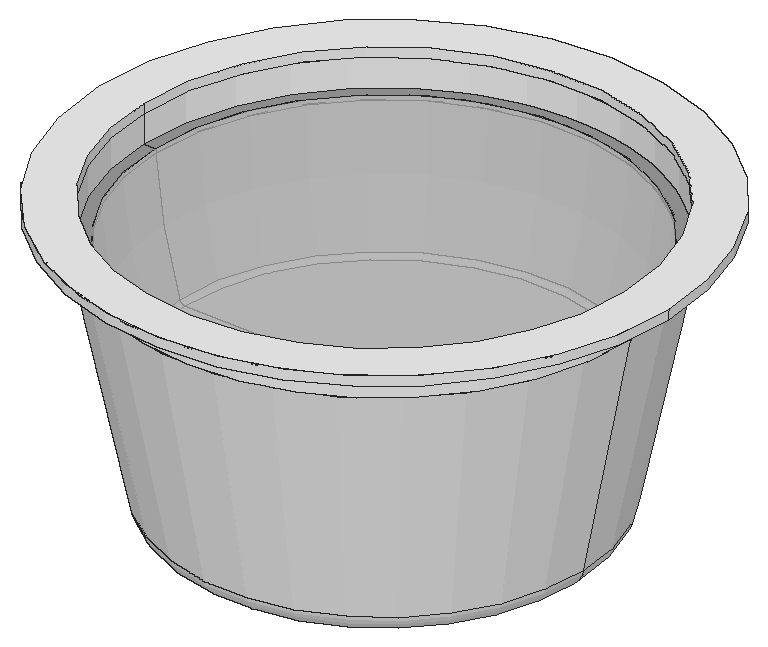
Revit family "2059210 Lighting Fixture_Sylvania_Ascent 100 Deco(160)-High Output_Ceiling Recessed", category Lighting Fixtures, host Face, Revit 2017
Family settings
  Host = Face
  Round Connector Dimension = Use Diameter
  Part Type = Normal
  OmniClass Number = 23.80.70.11.17
  OmniClass Title = Specialized Lighting by Location or Use
  Cut with Voids When Loaded = No
  Light Source = Yes
  Shared = No
  Room Calculation Point = No
Parameters (values of type "Asct100 Deco HO 4K EMPRO 160")
  Reflector Radius = Radius - 14.5 mm  # 80.0 mm
  Reflector Material = Aluminium_Sylvania_Ascent_Silver
  Radius = 94.5 mm
  Life = "50 000h"  # constant formula
  IP Rating = "IP44"  # constant formula
  IK Rating = "IK02"  # constant formula
  Height = 94.0 mm
  Wattage = 1.56845 W
  built-in parameter 1150110 = 1 (stored number, unit not read)
  Voltage Comments = "UNV (Universal Voltage; 220-240 Volt)"  # constant formula
  Voltage = 240 V  # constant formula
  URL = "https://www.sylvania-lighting.com/"
  built-in parameter 1114217 = 1 (stored number, unit not read)
  Tilt Angle = -90°
  built-in parameter 1150109 = 1 (stored number, unit not read)
  built-in parameter 1150134 = 12
  built-in parameter 1150113 = 1 (stored number, unit not read)
  Product Page URL = "https://www.sylvania-lighting.com/product/en-int/products/2059210"
  Product Family = "Ascent 100 Deco (160) - High Output"  # constant formula
  Photometry Comments = ""
  Photometric Web File = "2059210_Asct100DecoHO4KEMPRO160-190109.ies"
  Glow Wire Test = 850 °C
  Emit from Circle Diameter = 2 * Diffuser Radius  # 152.0 mm
  Emit Shape Visible in Rendering = no
  Drive Current = "700mA"  # constant formula
  Diffuser Radius = Reflector Radius - 4.0 mm  # 76.0 mm
  Diffuser Material = Polycarbonate_Sylvania_Ascent_Clear
  Diameter = 2 * Radius  # 189.0 mm
  Cutout Diameter = Diameter - 11.0 mm  # 178.0 mm
  built-in parameter 1114216 [instance] = 1 (stored number, unit not read)
  Model = "Asct100 Deco HO 4K EMPRO 160"
  Manufacturer = "Feilo-Sylvania Group"
  built-in parameter 1150105 = 73.308 (stored number, unit not read)
  Lumens = 169 lm
  built-in parameter 1150115 = 1 (stored number, unit not read)
  built-in parameter 1150137 = (empty or 0)
  built-in parameter 1150139 = (empty or 0)
  built-in parameter 1150112 = 1 (stored number, unit not read)
  built-in parameter 1150114 = 1 (stored number, unit not read)
  Lamp = "Integrated LED"
  built-in parameter 1150132 = 2
  built-in parameter 1150102 = (empty or 0)
  built-in parameter 1150107 = 4000 (stored number, unit not read)
  built-in parameter 1150138 = (empty or 0)
  built-in parameter 1150106 = 0.73308 (stored number, unit not read)
  Body Material = Aluminum_Sylvania_Ascent_White
  built-in parameter 1150104 = 10.01 (stored number, unit not read)
  Dimming Lamp Color Temperature Shift = <None>
  Description = "Direct LED retro fit for original LED 100 Deco (160) single CFL lamp offering Matching lumen levels and improved light distribution of original LED 100 CFL lamp equivalents Typically half the power consumption compared to CFL Up to 112lm/W 160mm aperture Decorative reflector accepts snap fit polycarbonate accessories from existing LED 100 Deco 160 offering New kometa accessory ring creates a diffused indirect halo of light onto the ceiling for decorative effect HE, HO and VHO versions equivalent of single 1 x 18W, 1 x 32W, 1 x 42W Additional VVHO versions which offer the performance circa 2 x 32W equivalent"  # constant formula
  Default Elevation = 0.0 mm
  Color Filter = 16777215
  Catalog Number = "2059210 Asct100 Deco HO 4K EMPRO 160"
  built-in parameter 1140040 [instance] = 1
  built-in parameter 1114218 = 1 (stored number, unit not read)
  built-in parameter 1150133 = 10 (stored number, unit not read)
  Assembly Code = "D5020200"
  Apparent Load Comments = ""
  Apparent Load = 17 VA
  Aperture = 2 * Reflector Radius  # 160.0 mm
Reference planes
  plane 1 "Center (Front/Back)": y = 0
  plane 2: z = 0
  plane 3 "Center (Left/Right)": x = 0
  plane 4 "Fixture Bottom": z = 3
  plane 5: z = -53.5
  plane 6 "Fixture Top": z = -91
  plane 7: z = -9
  plane 8: z = -10.5
Forms (mm)
  Extrusion 1, solid, material "Aluminum_Sylvania_Ascent_White" <- "Body Material", detail levels fine
    sketch origin (0, 0, 0) x (1, 0, 0) y (0, 1, 0)
      loop
        circle (0, 0) r 94.5
      loop
        circle (0, 0) r 80
    from 0 to 3
  Extrusion 2, void
    sketch origin (0, 0, 0) x (1, 0, 0) y (0, 1, 0)
      loop
        circle (0, 0) r 89
    from -91 to 3
  Revolve 3, solid, material "Aluminum_Sylvania_Ascent_White" <- "Body Material", detail levels fine
    sketch origin (0, 0, 0) x (1, 0, 0) y (0, 0, 1)
      loop
        line (0, -89) -> (-58.456, -89)
        arc (-58.456, -89) -> (-62.232, -87.663) -> (-64.324, -84.247) r 6
        line (-64.324, -84.247) -> (-80, -10.5) -> (-80, 0) -> (-82.009, 0) -> (-82.009, -10.5) -> (-66.245, -84.663)
        arc (-66.245, -84.663) -> (-63.454, -89.217) -> (-58.42, -91) r 8
        line (-58.42, -91) -> (0, -91) -> (0, -89)
      axis (0, 0) -> (0, -91)
    angle from 0 to 360
  Revolve 4, solid, material "Aluminium_Sylvania_Ascent_Silver" <- "Reflector Material", detail levels fine
    sketch origin (0, 0, 0) x (1, 0, 0) y (0, 0, 1)
      loop
        line (-80, -9) -> (-80, -10.5) -> (-77, -10.5)
        arc (-77, -10.5) -> (-74.319, -31.239) -> (-68.971, -51.454) r 160.868
        arc (-68.971, -51.454) -> (-67.878, -52.935) -> (-66.127, -53.5) r 3
        line (-66.127, -53.5) -> (-58, -53.5)
        arc (-58, -53.5) -> (-56.855, -62.037) -> (-53.5, -69.971) r 32.394
        line (-53.5, -69.971) -> (0, -69.971) -> (0, -52.5) -> (-66.127, -52.5)
        arc (-66.127, -52.5) -> (-67.294, -52.124) -> (-68.023, -51.136) r 2
        arc (-68.023, -51.136) -> (-73.335, -31.062) -> (-76, -10.468) r 159.868
        line (-76, -10.468) -> (-76, -9) -> (-80, -9)
      axis (0, -9) -> (0, -69.971)
    angle from 0 to 360
  Extrusion 5, solid, material "Polycarbonate_Sylvania_Ascent_Clear" <- "Diffuser Material", detail levels fine
    sketch origin (0, 0, 0) x (1, 0, 0) y (0, 1, 0)
      loop
        circle (0, 0) r 76
    from -10.5 to -9
  Revolve 6, solid, material "Aluminum_Sylvania_Ascent_White" <- "Body Material", detail levels coarse+medium
    sketch origin (0, 0, 0) x (1, 0, 0) y (0, 0, 1)
      loop
        line (0, 3) -> (-94.5, 3) -> (-94.5, 0) -> (-82.009, 0) -> (-82.009, -10.5) -> (-66.245, -84.663)
        arc (-66.245, -84.663) -> (-63.454, -89.217) -> (-58.42, -91) r 8
        line (-58.42, -91) -> (0, -91) -> (0, 3)
      axis (0, 3) -> (0, -91)
    angle from 0 to 360
Cuts and joins
  joined: Extrusion 1, Revolve 3
Dimensions and locks
  plane 4 "Fixture Bottom" to plane 2 to plane 7 to plane 8 to plane 5 = 3.0 mm locked, 9.0 mm locked, 1.5 mm locked, 43.0 mm locked
  "Height": plane 4 "Fixture Bottom" to plane 6 "Fixture Top"
  "Reflector Radius": plane 3 "Center (Left/Right)" to Revolve 4 sketch curve
  "Reflector Radius": plane 3 "Center (Left/Right)" to Revolve 3 sketch curve
  locked: Revolve 3 sketch curve to Revolve 3 sketch curve at 2.009
  Revolve 4 sketch curve to Revolve 4 sketch curve = 4.0 mm
  Revolve 4 sketch curve to Revolve 4 sketch curve = 1.0 mm
  Revolve 4 sketch curve to Revolve 4 sketch curve to Revolve 4 sketch curve to Revolve 4 sketch curve to Revolve 4 sketch curve = 11.029 mm locked, 2.844 mm locked, 8.127 mm locked, 4.5 mm locked
  Revolve 3 sketch curve to Revolve 3 sketch curve to Revolve 3 sketch curve = 13.755 mm locked, 7.825 mm locked
  "Radius": plane 3 "Center (Left/Right)" to Revolve 6 sketch curve
  Revolve 6 sketch curve to Revolve 6 sketch curve to Revolve 6 sketch curve = 7.825 mm locked, 28.255 mm locked
  "Cutout Diameter": diameter of Extrusion 2 sketch curve
  "Reflector Radius": radius of Extrusion 1 sketch curve
  "Diffuser Radius": radius of Extrusion 5 sketch curve
  "Radius": radius of Extrusion 1 sketch curve
  aligned and locked: host face to plane 2
  aligned and locked: host face to level
  aligned and locked: plane 1 "Center (Front/Back)" to imposter light
  aligned and locked: plane 3 "Center (Left/Right)" to imposter light
  aligned and locked: plane 4 "Fixture Bottom" to Extrusion 1
  aligned and locked: Extrusion 1 to plane 2
  aligned and locked: Revolve 3 sketch curve to plane 3 "Center (Left/Right)"  (x2)
  aligned and locked: Revolve 4 sketch curve to plane 3 "Center (Left/Right)"  (x2)
  aligned and locked: plane 2 to Revolve 3 sketch curve
  aligned and locked: plane 6 "Fixture Top" to Extrusion 2
  aligned and locked: Revolve 3 sketch curve to plane 2
  aligned and locked: plane 8 to Revolve 3 sketch curve  (x2)
  aligned and locked: plane 7 to Revolve 4 sketch curve
  aligned and locked: Revolve 4 sketch curve to plane 8
  aligned and locked: imposter light to Extrusion 2
  aligned and locked: plane 7 to Extrusion 5
  aligned and locked: Extrusion 5 to plane 8
  aligned and locked: imposter light to plane 4 "Fixture Bottom"
  aligned and locked: Revolve 3 sketch curve to plane 6 "Fixture Top"
  aligned and locked: Revolve 6 sketch curve to plane 4 "Fixture Bottom"
Automatic sketch dimensions
  plane 1 "Center (Front/Back)" to Extrusion 2 sketch curve = 0.0 mm
  Extrusion 2 sketch curve to plane 3 "Center (Left/Right)" = 0.0 mm
  Extrusion 1 sketch curve to Extrusion 1 sketch curve = 0.0 mm  (x2)
  plane 1 "Center (Front/Back)" to Extrusion 1 sketch curve = 0.0 mm
  Extrusion 1 sketch curve to plane 3 "Center (Left/Right)" = 0.0 mm
  plane 1 "Center (Front/Back)" to Extrusion 5 sketch curve = 0.0 mm
  Extrusion 5 sketch curve to plane 3 "Center (Left/Right)" = 0.0 mm
  host sketch curve to host sketch curve = 1368.192 mm
  host sketch curve to host sketch curve = 1600.367 mm
  Revolve 4 sketch curve to plane 5 = 0.0 mm
  Revolve 4 sketch curve to plane 5 = 16.471 mm
  plane 8 to Revolve 4 sketch curve = 0.032 mm
  Revolve 4 sketch curve to Revolve 4 sketch curve = 0.0 mm  (x5)
  Revolve 4 sketch curve to level = 0.289 mm
  Revolve 4 sketch curve to Revolve 4 sketch curve = 2.387 mm
  plane 4 "Fixture Bottom" to Revolve 4 sketch curve = 9.642 mm
  Revolve 4 sketch curve to Revolve 4 sketch curve = 0.948 mm
  Revolve 3 sketch curve to plane 6 "Fixture Top" = 6.753 mm
  Revolve 3 sketch curve to plane 6 "Fixture Top" = 2.0 mm
  Revolve 3 sketch curve to plane 6 "Fixture Top" = 6.337 mm
  Revolve 3 sketch curve to Revolve 3 sketch curve = 1.921 mm
  Revolve 3 sketch curve to Revolve 3 sketch curve = 0.036 mm
  plane 6 "Fixture Top" to Revolve 3 sketch curve = 33.569 mm
  plane 4 "Fixture Bottom" to Revolve 3 sketch curve = 82.431 mm
  Revolve 6 sketch curve to plane 8 = 0.0 mm
  Revolve 6 sketch curve to plane 6 "Fixture Top" = 0.0 mm
  Revolve 6 sketch curve to plane 6 "Fixture Top" = 6.337 mm
  Revolve 6 sketch curve to plane 3 "Center (Left/Right)" = 0.0 mm
  Revolve 6 sketch curve to Revolve 6 sketch curve = 12.491 mm
  plane 6 "Fixture Top" to Revolve 6 sketch curve = 33.569 mm
  plane 4 "Fixture Bottom" to Revolve 6 sketch curve = 82.431 mm
  plane 3 "Center (Left/Right)" to Revolve 6 sketch curve = 0.0 mm
  Revolve 6 sketch curve to level = 0.0 mm
Connectors
  electrical at (0, 0, -91), driven by "Voltage", driven by "Apparent Load"
    settings: index 1, voltage 240 V, apparent load 0 VA, apparent load phase1 17 VA, apparent load phase2 0 VA, apparent load phase3 0 VA, power factor 1, load classification "Lighting", number of poles 1, system type 31, power factor state 1, is connector primary yes, connector utility no, sub classification motor no, connector description ""
